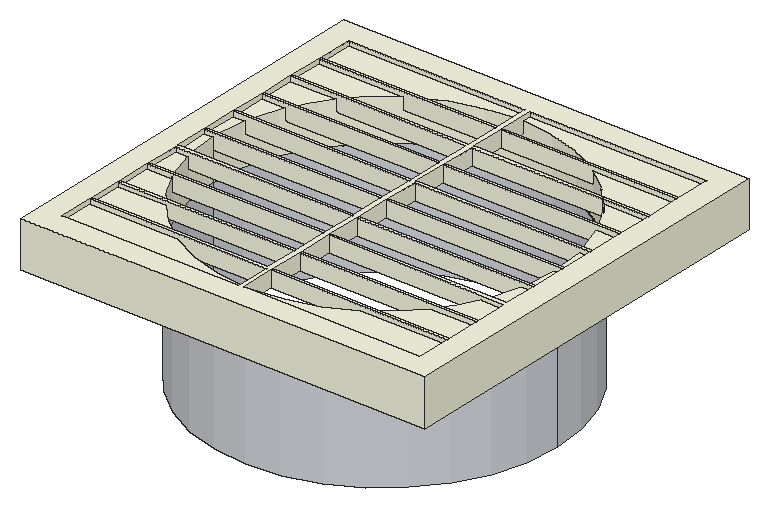
Revit family "CADS_AIRFLOWdev_AirTerminal_SquareExternalGrille_Intake", category Air Terminals, host Face, Revit 2015
Parameters (values of type "180 x 180 x 150mm Dia - Beige")
  WorkExecutionLevel = "N/A"
  WeeklyMaintenance = "N/A"
  WarrantyStartDate [instance] = "N/A"
  WarrantyPeriod = "2"
  WarrantyIdentifier = "N/A"
  WarrantyGuarantorParts = "info@airflow.com"
  WarrantyGuarantorLabor = "info@airflow.com"
  WarrantyGuarantor = "Airflow Developments Ltd"
  WarrantyEndDate [instance] = "N/A"
  WarrantyContent = "Replacement of part if faulty"
  Uniclass2015 = "Pr_65_70_46_01"
  TotalSurfaceArea [instance] = 0.0324 m²
  TagNumber [instance] = "N/A"
  Status [instance] = "New"
  Size = "48 x 180 x 180"
  ShippingWeight = 0.018 kg
  Shape = "Rectangular"
  ServiceLifeType = "EXPECTEDSERVICELIFE"
  ServiceLifeDuration = "10"
  SerialNumber [instance] = "N/A"
  ReplacementCost = "9.528"
  QuarterlyMaintenance = "N/A"
  QualityOfComponents = "N/A"
  ProductionYear = "2017"
  ProductLiterature = "N/A"
  PointOfContact = "Airflow Developments Ltd"
  Perimeter [instance] = 720 mm
  OutdoorEnviornment = "N/A"
  OperationAndMaintenanceManual = "N/A"
  NumberOfSlots = 20
  NominalWidth = 180 mm
  NominalLength = 48 mm
  NominalHeight = 180 mm
  NBSCode = "90-75-50/370 Air terminals;"
  MountingType = "SURFACE"
  MonthlyMaintenance = "N/A"
  ModelReference = "52641110"
  ModelLabel = "180 x 180 x 150mm dia. Fixed Grille (Beige)"
  MeanTimeBetweenFailure = "N/A"
  Material = "Plastic"
  ManufacturerWebsite = "www.airflow.com"
  ManufacturerTelephone = "01494 525252"
  ManufacturerE-Mail = "info@airflow.com"
  ManufacturerAddress = "Aidelle House\nLancaster Road\nCressex Business Park\nHigh Wycombe\nBucks\nHP123QP"
  Manufacturer = "Airflow Developments Ltd"
  MaintenanceRequired8001to12000hrs = "N/A"
  MaintenanceRequired601to1000hrs = "N/A"
  MaintenanceRequired4001to8000hrs = "N/A"
  MaintenanceRequired301to600hrs = "N/A"
  MaintenanceRequired2001to4000hrs = "N/A"
  MaintenanceRequired1001to2000hrs = "N/A"
  MaintenanceRequired0to300hrs = "N/A"
  MaintenanceLevel = "N/A"
  IsExtendedWarranty = no
  IndoorEnviornment = "N/A"
  InUseConditions = "N/A"
  ISO90001 = yes
  ISO140001 = yes
  HasThermalInsulation = no
  HasSoundAttenuator = no
  HasIntegralControl = no
  GrossWeight = 0.015 kg
  Grade = "Virgin"
  GlobalTradeItemNumber = "N/A"
  Fly_Screen = no
  FlowControlType = "NONE"
  Flow [instance] = 0.0 L/s
  Finish = "Matte"
  Features [instance] = "180 x 180 x 150mm dia. Fixed Grille (Beige)"
  FaceType = "LOUVERED"
  External_Grille = CADS_AirFlow_Beige
  Exclusions = "Incorrect Use / Incorrect Installation / Installed by a non-accredited electrician. Customer abuse."
  Dv = D - 2 mm  # 148 mm
  DurationUnit = "Years"
  DesignLevel = "N/A"
  Description = "180 x 180 x 150mm dia. Fixed Grille (Beige)"
  Default Elevation = 1219.2 mm
  DailyMaintenance = "N/A"
  D = 150 mm
  Constituents = "Beige"
  Color = "Beige"
  CodePerformance = "N/A"
  CEApproval = yes
  BespokeTimeFrameMaintenance = "N/A"
  B = 20 mm
  AssetType = "Fixed"
  AssetIdentifier [instance] = "N/A"
  AssemblyPlace = "N/A"
  AnnualMaintenance = "N/A"
  AirflowRateRange = "0-61"
  AccessibilityPerformance = "N/A"
  A = 175 mm
  6MonthlyMaintenance = "Visually inspect system, clean the fan and ducting if necessary"
Types (17, lengths in mm): name | TotalSurfaceArea | Size | ShippingWeight | ReplacementCost | Perimeter | NumberOfSlots | NominalWidth | NominalLength | NominalHeight | ModelReference | ModelLabel | GrossWeight | Fly_Screen | Features | External_Grille | Dv | Description | D | Constituents | Color | A
  (no name) | 0.0324 m² | "48 x 180 x 180" | 0.018 kg | "9.528" | 720 | 20 | 180 | 48 | 180 | "52641110" | "180 x 180 x 150mm dia. Fixed Grille (Beige)" | 0.015 kg | no | "180 x 180 x 150mm dia. Fixed Grille (Beige)" | CADS_AirFlow_Beige | 148 | "180 x 180 x 150mm dia. Fixed Grille (Beige)" | 150 | "Beige" | "Beige" | 175
  140 x 140 x 100mm Dia - White | 0.0196 m² | "46 x 140 x 140" | 0.012 kg | "4.752" | 560 | 20 | 140 | 46 | 140 | "52641101" | "140 x 140 x 100mm dia. Fixed Grille (White) No F/S" | 0.01 kg | no | "140 x 140 x 100mm dia. Fixed Grille (White) No F/S" | CADS_AirFlow_White | 98 | "140 x 140 x 100mm dia. Fixed Grille (White) No F/S" | 100 | "White" | "White" | 140
  140 x 140 x 100mm Dia -  Grey | 0.0196 m² | "46 x 140 x 140" | 0.012 kg | "4.752" | 560 | 20 | 140 | 46 | 140 | "52641102" | "140 x 140 x 100mm dia. Fixed Grille (Grey) No F/S" | 0.01 kg | no | "140 x 140 x 100mm dia. Fixed Grille (Grey) No F/S" | CADS_AirFlow_Grey | 98 | "140 x 140 x 100mm dia. Fixed Grille (Grey) No F/S" | 100 | "Grey" | "Grey" | 140
  140 x 140 x 100mm Dia - Terracotta | 0.0196 m² | "46 x 140 x 140" | 0.012 kg | "4.752" | 560 | 20 | 140 | 46 | 140 | "52641103" | "140 x 140 x 100mm dia. Fixed Grille (Terracotta) No F/S" | 0.01 kg | no | "140 x 140 x 100mm dia. Fixed Grille (Terracotta) No F/S" | CADS_AirFlow_Terracotta | 98 | "140 x 140 x 100mm dia. Fixed Grille (Terracotta) No F/S" | 100 | "Terracotta" | "Terracotta" | 140
  140 x 140 x 100mm Dia - Brown | 0.0196 m² | "46 x 140 x 140" | 0.012 kg | "4.752" | 560 | 20 | 140 | 46 | 140 | "52641104" | "140 x 140 x 100mm dia. Fixed Grille (Brown) No F/S" | 0.01 kg | no | "140 x 140 x 100mm dia. Fixed Grille (Brown) No F/S" | CADS_AirFlow_Brown | 98 | "140 x 140 x 100mm dia. Fixed Grille (Brown) No F/S" | 100 | "Brown" | "Brown" | 140
  140 x 140 x 100mm Dia - Beige | 0.0196 m² | "46 x 140 x 140" | 0.012 kg | "4.752" | 560 | 20 | 140 | 46 | 140 | "52641105" | "140 x 140 x 100mm dia. Fixed Grille (Beige) No F/S" | 0.01 kg | no | "140 x 140 x 100mm dia. Fixed Grille (Beige) No F/S" | CADS_AirFlow_Beige | 98 | "140 x 140 x 100mm dia. Fixed Grille (Beige) No F/S" | 100 | "Beige" | "Beige" | 140
  140 x 140 x 100mm Dia - Brown With F/S | 0.0196 m² | "46 x 140 x 140" | 0.012 kg | "6.348" | 560 | 20 | 140 | 46 | 140 | "9021012" | "140 x 140 x 100mm dia. Fixed Grille (Brown) with F/S" | 0.01 kg | yes | "140 x 140 x 100mm dia. Fixed Grille (Brown) with F/S" | CADS_AirFlow_Brown | 98 | "140 x 140 x 100mm dia. Fixed Grille (Brown) with F/S" | 100 | "Brown" | "Brown" | 140
  140 x 140 x 100mm Dia - Terracotta With F/S | 0.0196 m² | "47 x 140 x 140" | 0.012 kg | "6.348" | 560 | 20 | 150 | 46 | 150 | "9021082" | "140 x 140 x 100mm dia. Fixed Grille (Terracotta) with F/S" | 0.01 kg | yes | "140 x 140 x 100mm dia. Fixed Grille (Terracotta) with F/S" | CADS_AirFlow_Terracotta | 98 | "140 x 140 x 100mm dia. Fixed Grille (Terracotta) with F/S" | 100 | "Terracotta" | "Terracotta" | 140
  150 x 150 x 100mm Dia - White With F/S | 0.0225 m² | "46 x 150 x 150" | 0.012 kg | "7.944" | 600 | 20 | 140 | 46 | 140 | "9021172" | "150 x 150 x 100mm dia. Fixed Grille (White) with F/S" | 0.01 kg | yes | "150 x 150 x 100mm dia. Fixed Grille (White) with F/S" | CADS_AirFlow_White | 98 | "150 x 150 x 100mm dia. Fixed Grille (White) with F/S" | 100 | "White" | "White" | 150
  160 x 160 x 125mm Dia -Terracotta | 0.0256 m² | "39 x 160 x 160" | 0.012 kg | "6.828" | 640 | 62 | 160 | 39 | 160 | "9041223" | "160 x 160 x 125mm dia. Fixed Grille (Terracotta) No F/S" | 0.01 kg | no | "160 x 160 x 125mm dia. Fixed Grille (Terracotta) No F/S" | CADS_AirFlow_Terracotta | 123 | "160 x 160 x 125mm dia. Fixed Grille (Terracotta) No F/S" | 125 | "Terracotta" | "Terracotta" | 160
  160 x 160 x 125mm Dia - Brown | 0.0256 m² | "39 x 160 x 160" | 0.012 kg | "6.828" | 640 | 20 | 160 | 39 | 160 | "9041222" | "160 x 160 x 125mm dia. Fixed Grille (Brown) No F/S" | 0.01 kg | no | "160 x 160 x 125mm dia. Fixed Grille (Brown) No F/S" | CADS_AirFlow_Brown | 123 | "160 x 160 x 125mm dia. Fixed Grille (Brown) No F/S" | 125 | "Brown" | "Brown" | 160
  160 x 160 x 125mm Dia - White | 0.0256 m² | "39 x 160 x 160" | 0.012 kg | "6.828" | 640 | 20 | 160 | 39 | 160 | "9041221" | "160 x 160 x 125mm dia. Fixed Grille (White) No F/S" | 0.01 kg | no | "160 x 160 x 125mm dia. Fixed Grille (White) No F/S" | CADS_AirFlow_White | 123 | "160 x 160 x 125mm dia. Fixed Grille (White) No F/S" | 125 | "White" | "White" | 160
  180 x 180 x 150mm Dia - White | 0.0324 m² | "48 x 180 x 180" | 0.018 kg | "9.528" | 720 | 20 | 180 | 48 | 180 | "52641106" | "180 x 180 x 150mm dia. Fixed Grille (White)" | 0.015 kg | no | "180 x 180 x 150mm dia. Fixed Grille (White)" | CADS_AirFlow_White | 148 | "180 x 180 x 150mm dia. Fixed Grille (White)" | 150 | "White" | "White" | 175
  180 x 180 x 150mm Dia - Grey | 0.0324 m² | "48 x 180 x 180" | 0.018 kg | "9.528" | 720 | 20 | 180 | 48 | 180 | "52641107" | "180 x 180 x 150mm dia. Fixed Grille (Grey)" | 0.015 kg | no | "180 x 180 x 150mm dia. Fixed Grille (Grey)" | CADS_AirFlow_Grey | 148 | "180 x 180 x 150mm dia. Fixed Grille (Grey)" | 150 | "Grey" | "Grey" | 175
  180 x 180 x 150mm Dia - Terracotta | 0.0324 m² | "48 x 180 x 180" | 0.018 kg | "9.528" | 720 | 20 | 180 | 48 | 180 | "52641108" | "180 x 180 x 150mm dia. Fixed Grille (Terracotta)" | 0.015 kg | no | "180 x 180 x 150mm dia. Fixed Grille (Terracotta)" | CADS_AirFlow_Terracotta | 148 | "180 x 180 x 150mm dia. Fixed Grille (Terracotta)" | 150 | "Terracotta" | "Terracotta" | 175
  180 x 180 x 150mm Dia - Brown | 0.0324 m² | "48 x 180 x 180" | 0.018 kg | "9.528" | 720 | 20 | 180 | 48 | 180 | "52641109" | "180 x 180 x 150mm dia. Fixed Grille (Brown)" | 0.015 kg | no | "180 x 180 x 150mm dia. Fixed Grille (Brown)" | CADS_AirFlow_Brown | 148 | "180 x 180 x 150mm dia. Fixed Grille (Brown)" | 150 | "Brown" | "Brown" | 175
  180 x 180 x 150mm Dia - Beige | 0.0324 m² | "48 x 180 x 180" | 0.018 kg | "9.528" | 720 | 20 | 180 | 48 | 180 | "52641110" | "180 x 180 x 150mm dia. Fixed Grille (Beige)" | 0.015 kg | no | "180 x 180 x 150mm dia. Fixed Grille (Beige)" | CADS_AirFlow_Beige | 148 | "180 x 180 x 150mm dia. Fixed Grille (Beige)" | 150 | "Beige" | "Beige" | 175
Reference planes
  plane 1 "Center (Front/Back)": y = 0
  plane 2: z = 0
  plane 3 "Center (Left/Right)": x = 0
  plane 4: x = -87.5
  plane 5: x = 87.5
  plane 6: y = 87.5
  plane 7: y = -87.5
  plane 8: z = 20
  plane 9: z = 18
  plane 10: z = -50
  plane 11: x = -77.5
  plane 12: x = 77.5
  plane 13: y = 77.5
  plane 14: y = -77.5
  plane 15: y = 62
  plane 16: y = 62.5
  plane 17: y = 61.5
  plane 18: y = 46.5
  plane 19: y = 47
  plane 20: y = 46
  plane 21: y = 31
  plane 22: y = 31.5
  plane 23: y = 30.5
  plane 24: y = 15.5
  plane 25: y = 16
  plane 26: y = 15
  plane 27: y = -15.5
  plane 28: y = -15
  plane 29: y = -16
  plane 30: y = -31
  plane 31: y = -30.5
  plane 32: y = -31.5
  plane 33: y = -46.5
  plane 34: y = -46
  plane 35: y = -47
  plane 36: y = -62
  plane 37: y = -61.5
  plane 38: y = -62.5
  plane 39: y = 0.5
  plane 40: y = -0.5
  plane 41: x = -1
  plane 42: x = 1
  plane 43: z = 13
  plane 44: y = 25.833
  plane 45: y = -25.833
Forms (mm)
  Extrusion 1, solid, material "CADS_AirFlow_Beige" <- "External_Grille", detail levels medium+fine
    sketch origin (0, 0, 0) x (1, 0, 0) y (0, 1, 0)
      loop
        line (-87.5, 87.5) -> (-87.5, -87.5) -> (87.5, -87.5) -> (87.5, 87.5) -> (-87.5, 87.5)
    from 0 to 18
  Extrusion 2, solid, material "CADS_AirFlow_Beige" <- "External_Grille", detail levels medium+fine
    sketch origin (0, 0, 0) x (1, 0, 0) y (0, 1, 0)
      loop
        line (-77.5, 77.5) -> (-77.5, -77.5) -> (77.5, -77.5) -> (77.5, 77.5) -> (-77.5, 77.5)
    from 13 to 20
  Extrusion 3, solid
    sketch origin (0, 0, 0) x (1, 0, 0) y (0, 1, 0)
      loop
        circle (0, 0) r 75
    from -50 to 0
  Extrusion 4, void, detail levels medium+fine
    sketch origin (0, 0, 0) x (1, 0, 0) y (0, 1, 0)
      loop
        circle (0, 0) r 74
    from -50 to 18
  Extrusion 5, void, detail levels medium+fine
    sketch origin (0, 0, 0) x (1, 0, 0) y (0, 1, 0)
      loop
        line (-77.5, 77.5) -> (-77.5, 62.5) -> (-1, 62.5) -> (-1, 77.5) -> (-77.5, 77.5)
      loop
        line (-77.5, 61.5) -> (-77.5, 47) -> (-1, 47) -> (-1, 61.5) -> (-77.5, 61.5)
      loop
        line (-77.5, 46) -> (-77.5, 31.5) -> (-1, 31.5) -> (-1, 46) -> (-77.5, 46)
      loop
        line (-77.5, 30.5) -> (-77.5, 16) -> (-1, 16) -> (-1, 30.5) -> (-77.5, 30.5)
      loop
        line (-77.5, 15) -> (-77.5, 0.5) -> (-1, 0.5) -> (-1, 15) -> (-77.5, 15)
      loop
        line (-77.5, -0.5) -> (-77.5, -15) -> (-1, -15) -> (-1, -0.5) -> (-77.5, -0.5)
      loop
        line (-77.5, -16) -> (-77.5, -30.5) -> (-1, -30.5) -> (-1, -16) -> (-77.5, -16)
      loop
        line (-77.5, -31.5) -> (-77.5, -46) -> (-1, -46) -> (-1, -31.5) -> (-77.5, -31.5)
      loop
        line (-77.5, -47) -> (-77.5, -61.5) -> (-1, -61.5) -> (-1, -47) -> (-77.5, -47)
      loop
        line (-77.5, -62.5) -> (-77.5, -77.5) -> (-1, -77.5) -> (-1, -62.5) -> (-77.5, -62.5)
      loop
        line (1, 77.5) -> (1, 62.5) -> (77.5, 62.5) -> (77.5, 77.5) -> (1, 77.5)
      loop
        line (1, 61.5) -> (1, 47) -> (77.5, 47) -> (77.5, 61.5) -> (1, 61.5)
      loop
        line (1, 46) -> (1, 31.5) -> (77.5, 31.5) -> (77.5, 46) -> (1, 46)
      loop
        line (1, 30.5) -> (1, 16) -> (77.5, 16) -> (77.5, 30.5) -> (1, 30.5)
      loop
        line (1, 15) -> (1, 0.5) -> (77.5, 0.5) -> (77.5, 15) -> (1, 15)
      loop
        line (1, -0.5) -> (1, -15) -> (77.5, -15) -> (77.5, -0.5) -> (1, -0.5)
      loop
        line (1, -16) -> (1, -30.5) -> (77.5, -30.5) -> (77.5, -16) -> (1, -16)
      loop
        line (1, -31.5) -> (1, -46) -> (77.5, -46) -> (77.5, -31.5) -> (1, -31.5)
      loop
        line (1, -47) -> (1, -61.5) -> (77.5, -61.5) -> (77.5, -47) -> (1, -47)
      loop
        line (1, -62.5) -> (1, -77.5) -> (77.5, -77.5) -> (77.5, -62.5) -> (1, -62.5)
    from 13 to 20
  Extrusion 6, solid, material "CADS_AirFlow_Beige" <- "External_Grille", detail levels medium+fine
    sketch origin (0, 0, 0) x (1, 0, 0) y (0, 1, 0)
      loop
        line (-87.5, 87.5) -> (-87.5, -87.5) -> (87.5, -87.5) -> (87.5, 87.5) -> (-87.5, 87.5)
      loop
        line (-77.5, 77.5) -> (-77.5, -77.5) -> (77.5, -77.5) -> (77.5, 77.5) -> (-77.5, 77.5)
    from 18 to 20
  Extrusion 7, solid, material "CADS_AirFlow_Beige" <- "External_Grille", detail levels coarse
    sketch origin (0, 0, 0) x (1, 0, 0) y (0, 1, 0)
      loop
        line (-87.5, 87.5) -> (-87.5, -87.5) -> (87.5, -87.5) -> (87.5, 87.5) -> (-87.5, 87.5)
    from 0 to 20
Cuts and joins
  Extrusion 4 cuts Extrusion 3
  Extrusion 4 cuts Extrusion 1
  Extrusion 5 cuts Extrusion 2
  joined: Extrusion 1, Extrusion 2, Extrusion 6
Lines and regions (mm)
  reference lines
    curve 1: line (0, 77.5, 20) -> (0, 22.281, 25.312)
    curve 2: line (0, 25.833, 19.837) -> (0, -31.886, 25.312)
    curve 3: line (0, -25.833, 19.675) -> (0, -83.719, 25.312)
Dimensions and locks
  equal spacing: plane 4, plane 3 "Center (Left/Right)", plane 5
  equal spacing: plane 6, plane 1 "Center (Front/Back)", plane 7
  "A": plane 4 to plane 5
  "A": plane 6 to plane 7
  "B": plane 8 to level
  locked: plane 8 to plane 9 at 2
  locked: level to plane 10 at 50
  locked: plane 6 to plane 13 at 10
  locked: plane 14 to plane 7 at 10
  locked: plane 12 to plane 5 at 10
  locked: plane 4 to plane 11 at 10
  plane 16 to plane 15 to plane 17 = 0.5 mm locked, 0.5 mm locked
  plane 19 to plane 18 to plane 20 = 0.5 mm locked, 0.5 mm locked
  plane 22 to plane 21 to plane 23 = 0.5 mm locked, 0.5 mm locked
  plane 25 to plane 24 to plane 26 = 0.5 mm locked, 0.5 mm locked
  plane 28 to plane 27 to plane 29 = 0.5 mm locked, 0.5 mm locked
  plane 31 to plane 30 to plane 32 = 0.5 mm locked, 0.5 mm locked
  plane 34 to plane 33 to plane 35 = 0.5 mm locked, 0.5 mm locked
  plane 37 to plane 36 to plane 38 = 0.5 mm locked, 0.5 mm locked
  plane 40 to plane 1 "Center (Front/Back)" to plane 39 = 0.5 mm locked, 0.5 mm locked
  plane 41 to plane 3 "Center (Left/Right)" to plane 42 = 1 mm locked, 1 mm locked
  equal spacing: plane 1 "Center (Front/Back)", plane 27, plane 30, plane 33, plane 36, plane 14
  equal spacing: plane 1 "Center (Front/Back)", plane 24, plane 21, plane 18, plane 15, plane 13
  locked: plane 9 to plane 43 at 5
  equal spacing: plane 13, plane 44, plane 45, plane 14
  "D": diameter of Extrusion 3 sketch curve
  "Dv": diameter of Extrusion 4 sketch curve
  aligned and locked: plane 2 to host face
  aligned and locked: level to host face
  aligned and locked: Extrusion 1 sketch curve to plane 6
  aligned and locked: Extrusion 1 sketch curve to plane 5
  aligned and locked: Extrusion 3 to plane 10
  aligned and locked: level to Extrusion 3
  aligned and locked: plane 8 to Extrusion 2
  aligned and locked: Extrusion 1 to level
  aligned and locked: plane 9 to Extrusion 1
  aligned and locked: Extrusion 3 to Extrusion 4
  aligned and locked: plane 9 to Extrusion 4
  aligned and locked: plane 11 to Extrusion 2 sketch curve
  aligned and locked: plane 14 to Extrusion 2 sketch curve
  aligned and locked: Extrusion 2 sketch curve to plane 12
  aligned and locked: Extrusion 2 sketch curve to plane 13
  aligned and locked: plane 11 to Extrusion 5 sketch curve  (x10)
  aligned and locked: Extrusion 5 sketch curve to plane 13  (x2)
  aligned and locked: plane 16 to Extrusion 5 sketch curve  (x2)
  aligned and locked: Extrusion 5 sketch curve to plane 17  (x2)
  aligned and locked: plane 19 to Extrusion 5 sketch curve  (x2)
  aligned and locked: Extrusion 5 sketch curve to plane 20  (x2)
  aligned and locked: plane 22 to Extrusion 5 sketch curve  (x2)
  aligned and locked: Extrusion 5 sketch curve to plane 23  (x2)
  aligned and locked: plane 25 to Extrusion 5 sketch curve  (x2)
  aligned and locked: Extrusion 5 sketch curve to plane 26  (x2)
  aligned and locked: plane 39 to Extrusion 5 sketch curve  (x2)
  aligned and locked: plane 40 to Extrusion 5 sketch curve  (x2)
  aligned and locked: plane 28 to Extrusion 5 sketch curve  (x2)
  aligned and locked: Extrusion 5 sketch curve to plane 29  (x2)
  aligned and locked: plane 31 to Extrusion 5 sketch curve  (x2)
  aligned and locked: Extrusion 5 sketch curve to plane 32  (x2)
  aligned and locked: plane 34 to Extrusion 5 sketch curve  (x2)
  aligned and locked: Extrusion 5 sketch curve to plane 35  (x2)
  aligned and locked: plane 37 to Extrusion 5 sketch curve  (x2)
  aligned and locked: Extrusion 5 sketch curve to plane 38  (x2)
  aligned and locked: plane 14 to Extrusion 5 sketch curve  (x2)
  aligned and locked: Extrusion 5 sketch curve to plane 41  (x10)
  aligned and locked: Extrusion 5 sketch curve to plane 42  (x10)
  aligned and locked: Extrusion 5 sketch curve to plane 12  (x10)
  aligned and locked: plane 8 to Extrusion 5
  aligned and locked: plane 4 to Extrusion 6 sketch curve
  aligned and locked: Extrusion 6 sketch curve to plane 5
  aligned and locked: plane 11 to Extrusion 6 sketch curve
  aligned and locked: plane 14 to Extrusion 6 sketch curve
  aligned and locked: Extrusion 6 to plane 9
  aligned and locked: plane 8 to Extrusion 6
  aligned and locked: Extrusion 2 to plane 43
  aligned and locked: Extrusion 5 to Extrusion 2
  aligned and locked: Extrusion 7 sketch curve to plane 6
  aligned and locked: plane 7 to Extrusion 7 sketch curve
  aligned and locked: plane 8 to Extrusion 7
  aligned and locked: plane 13 to curve 1
  aligned and locked: plane 44 to curve 2
  aligned and locked: plane 45 to curve 3
Automatic sketch dimensions
  host sketch curve to host sketch curve = 2438.4 mm  (x2)
  Extrusion 1 sketch curve to plane 4 = 0 mm
  Extrusion 1 sketch curve to plane 7 = 0 mm
  Extrusion 6 sketch curve to plane 12 = 0 mm
  Extrusion 6 sketch curve to plane 7 = 0 mm
  Extrusion 6 sketch curve to plane 13 = 0 mm
  Extrusion 6 sketch curve to plane 6 = 0 mm
  Extrusion 7 sketch curve to plane 4 = 0 mm
  Extrusion 7 sketch curve to plane 5 = 0 mm
  curve 1 to plane 8 = 0 mm
  curve 2 to plane 32 = 0.386 mm
  plane 7 to curve 3 = 3.781 mm
  curve 1 to plane 44 = 3.553 mm
  curve 2 to plane 8 = 0.163 mm
  curve 3 to plane 8 = 0.325 mm
  plane 8 to curve 2 = 5.312 mm
  plane 8 to curve 3 = 5.312 mm
  plane 8 to curve 1 = 5.312 mm
  plane 1 "Center (Front/Back)" to Extrusion 3 sketch curve = 0 mm
  Extrusion 3 sketch curve to plane 3 "Center (Left/Right)" = 0 mm
  plane 1 "Center (Front/Back)" to Extrusion 4 sketch curve = 0 mm
  Extrusion 4 sketch curve to plane 3 "Center (Left/Right)" = 0 mm
Connectors
  hvac at (0, 0, 0), driven by "D", driven by "Flow"
    settings: on cut or joined group of Extrusion 3, Extrusion 4, index 1, duct flow 0.0 L/s, flow factor 0, pres drop 0.0 Pa, loss coef 0, conn angle 0.00°, conn width 304.8 mm, conn height 304.8 mm, conn diameter 150 mm, duct sys type 4, conn prof type 0, flow config 0, flow direction 2, loss method 0, conn ref index -1, conn util no, is conn primary yes, conn desc ""
